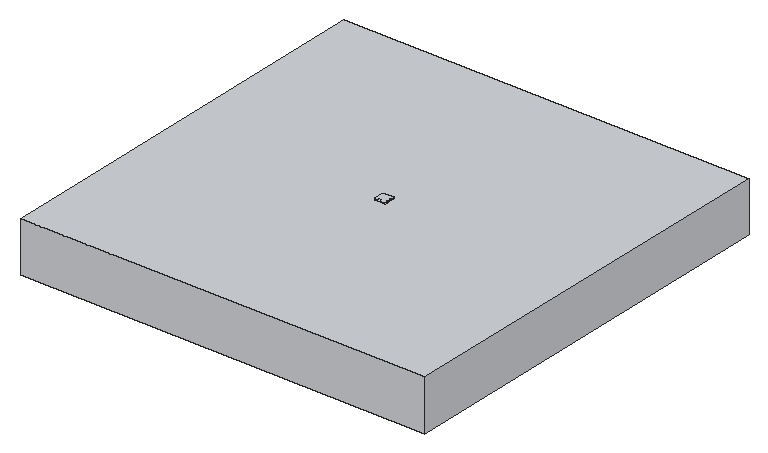
Revit family "Gira_010800", category Allgemeines Modell, Revit 2017
Family settings
  Basisbauteil = Fläche
  Kann Basisbauteil für Bewehrung sein = Nein
  Bemaßung runder Anschluss = Durchmesser verwenden
  Teiletyp = Normal
  Beim Laden mit Abzugskörper schneiden = Nein
  Gemeinsam genutzt = Nein
  Raumberechnungspunkt = Nein
Parameters
  Zusammenstellung = "Basiselement"
  Zufallsgenerator = no
  Werkstoffgüte = "sonstige"
  Werkstoff = "sonstige"
  Waschmaschinenschalter = no
  Default Elevation = 1219.2 mm
  Verwendbar mit Zeitschalter/Timer = no
  Verwendbar mit Taste = yes
  Verwendbar mit Präsenzmelder = no
  Verwendbar mit IR-Taste = no
  Verwendbar mit Funktaste = no
  Verwendbar mit Bewegungsmelder = no
  URL = "https://www.gira.de/"
  Typname = "Wippschalter Wechselsch. 2f Einsatz"
  Transparent = no
  Textfeld/Beschriftungsfläche 3 = "nein"
  Textfeld/Beschriftungsfläche 2 = "nein"
  Textfeld/Beschriftungsfläche 1 = "nein"
  Textfeld/Beschriftungsfläche = no
  Tastschalter = no
  Seriendimmer = no
  Schaltungsart = "Wechsel-/Wechselschalter"
  Rückmeldekontakt = no
  Produktseite = "http://katalog.gira.de/de_DE/datenblatt.html?artikelnr=010800"
  Oberfläche = "sonstige"
  Nennspannung [Volt] 5 = 230
  Nennspannung [Volt] 20 = 250
  Nennspannung [Volt] 2 = 230
  Nennspannung [Volt] 19 = 250
  Nennspannung [Volt] 18 = 250
  Nennspannung [Volt] 17 = 250
  Nennspannung [Volt] 13 = 250
  Nennspannung [Volt] 1 = 230
  Nennspannung [Volt] = "[230:230]"
  Nebenstelleneingang = yes
  Montageart = "Unterputz"
  Mit Montageplatte = no
  Mit Memory-Funktion = no
  Mit Helligkeitssensoranschluss = no
  Mit Glasbruchmelderanschluss = no
  Mit Beleuchtung = no
  Mit Astro-Programm = no
  Max. Schaltleistung [Voltampere] = 1000
  Lichtwertspeicher = no
  Lastart = "sonstige"
  Kontakte = "1 Schließer"
  Integrierte Zeitschaltuhr = no
  Hersteller = "Gira"
  Halogenfrei = no
  HAN = "010800"
  Geeignet für Windsensor = no
  Geeignet für Schutzart (IP) = "IP20"
  Geeignet für Regensensor = no
  GTIN = "4010337108009"
  Funk bidirektional = no
  Frequenz [Hz] = "[50:50]"
  Farbe = "sonstige"
  Dimmung Phasenanschnitt = no
  Dimmung Phasenabschnitt = no
  Datenblatt = "https://katalog.gira.de/de_DE/download.html?artikelnr=010800"
  Bussystem Powernet = no
  Bussystem LON = no
  Bussystem KNX-Funk = no
  Bussystem KNX = yes
  Bussystem Funkbus = no
  Beschreibung = "Einsatz Wippschalter 10 AX 250 V~  Wechselschalter 2fach"
  Bemessungsstrom = 10 A
  Beleuchtungsfunktion = "beleuchtet wenn eingeschaltet"
  Beleuchtungsart = "Glimmlampe"
  Beleuchtung = "nein"
  Befestigungsart = "Krallen-/Schraubbefestigung"
  Bedienungsart = "Wippe/Taste"
  BIM = "https://media.stage.bim.site/public/gira/876eb45/Einsatz_1fach.rfa"
  Aussperrsicherung = no
  Ausführung der Oberfläche = "nicht zutreffend"
  Ausführung = "Einzeltaster"
  Aufdruck = "ohne"
  App-Steuerung über Bluetooth = no
  Anzahl der Module (bei Modulbauweise) = 1
  Anzahl der Betätigungswippen = 2
  Anschlussart = "Steckklemme"
  Andere Bussysteme = "ohne"
Reference planes
  plane 1 "Center (Front/Back)": y = 0
  plane 2: z = 0
  plane 3 "Center (Left/Right)": x = 0
Forms (mm)
  Extrusion 1, solid
    sketch origin (0, 0, 0) x (1, 0, 0) y (0, 1, 0)
      loop
        line (-1219.2, 1219.2) -> (-1219.2, -1219.2) -> (1219.2, -1219.2) -> (1219.2, 1219.2) -> (-1219.2, 1219.2)
    from 0 to -304.8
  Extrusion 2, solid, detail levels fine
    sketch origin (0, 0, 0) x (1, 0, 0) y (0, 1, 0)
      loop
        line (27.475, 35.475) -> (-27.475, 35.475)
        arc (-27.475, 35.475) -> (-33.132, 33.132) -> (-35.475, 27.475) r 8
        line (-35.475, 27.475) -> (-35.475, -27.475)
        arc (-35.475, -27.475) -> (-33.132, -33.132) -> (-27.475, -35.475) r 8
        line (-27.475, -35.475) -> (27.475, -35.475)
        arc (27.475, -35.475) -> (33.132, -33.132) -> (35.475, -27.475) r 8
        line (35.475, -27.475) -> (35.475, 27.475)
        arc (35.475, 27.475) -> (33.132, 33.132) -> (27.475, 35.475) r 8
    from 0 to 1.8
  Extrusion 3, solid, detail levels fine
    sketch origin (0, 0, 0) x (1, 0, 0) y (0, 1, 0)
      loop
        line (9.678, 25.4) -> (-9.678, 25.4)
        arc (-9.678, 25.4) -> (-12.885, 24.922) -> (-15.814, 23.53) r 11
        arc (-15.814, 23.53) -> (-17.795, 22.07) -> (-19.641, 20.444) r 28.35
        arc (-19.641, 20.444) -> (-21.339, 18.665) -> (-22.876, 16.745) r 28.35
        arc (-22.876, 16.745) -> (-24.456, 13.666) -> (-25, 10.248) r 11
        line (-25, 10.248) -> (-25, -10.248)
        arc (-25, -10.248) -> (-24.456, -13.666) -> (-22.876, -16.745) r 11
        arc (-22.876, -16.745) -> (-20.409, -19.677) -> (-17.569, -22.25) r 28.35
        line (-17.569, -22.25) -> (17.569, -22.25)
        arc (17.569, -22.25) -> (20.409, -19.677) -> (22.876, -16.745) r 28.35
        arc (22.876, -16.745) -> (24.456, -13.666) -> (25, -10.248) r 11
        line (25, -10.248) -> (25, 10.248)
        arc (25, 10.248) -> (24.456, 13.666) -> (22.876, 16.745) r 11
        arc (22.876, 16.745) -> (21.593, 18.37) -> (20.195, 19.897) r 28.35
        arc (20.195, 19.897) -> (18.096, 21.823) -> (15.814, 23.53) r 28.35
        arc (15.814, 23.53) -> (12.885, 24.922) -> (9.678, 25.4) r 11
    from 0 to -22
  Extrusion 4, solid, detail levels medium
    sketch origin (0, 0, 0) x (1, 0, 0) y (0, 1, 0)
      loop
        line (-25, 25.4) -> (-25, -22.25) -> (25, -22.25) -> (25, 25.4) -> (-25, 25.4)
    from 0 to -22
  Extrusion 5, solid, detail levels coarse
    sketch origin (0, 0, 0) x (1, 0, 0) y (0, 1, 0)
      loop
        line (35.475, 35.475) -> (-35.475, 35.475) -> (-35.475, -35.475) -> (35.475, -35.475) -> (35.475, 35.475)
    from -22 to 1.8
  Extrusion 6, solid, detail levels medium
    sketch origin (0, 0, 0) x (1, 0, 0) y (0, 1, 0)
      loop
        line (35.475, 35.475) -> (-35.475, 35.475) -> (-35.475, -35.475) -> (35.475, -35.475) -> (35.475, 35.475)
    from 0 to 1.8
Dimensions and locks
  aligned and locked: plane 2 to Extrusion 1
  aligned and locked: level to Extrusion 1
Connectors
  electrical at (0, 0, -22)
    settings: on Extrusion 5, index 1, voltage 220 V, apparent load 0 VA, apparent load phase1 0 VA, apparent load phase2 0 VA, apparent load phase3 0 VA, power factor 1, load classification "Other", number of poles 1, system type 30, power factor state 1, is connector primary yes, connector utility no, sub classification motor no, connector description ""
